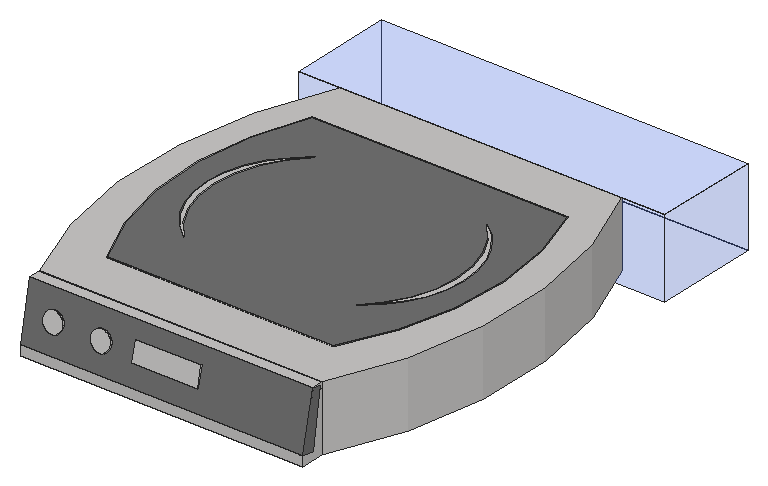
Revit family "QF_Vollrath 59500F", category Specialty Equipment, Revit 2016
Family settings
  Part Type = Normal
  Round Connector Dimension = Use Diameter
  OmniClass Number = 23.40.40.14.17.14
  OmniClass Title = Hot Plates
  Work Plane-Based = No
  Always vertical = Yes
  Cut with Voids When Loaded = No
  Shared = No
  Room Calculation Point = No
Parameters (values of type "59500F")
  Weight in Pounds = 12.8
  Watts = 1800 W
  Watermarked By = "http://revitwatermark.com"
  Volts = 120 V
  URL Cutsheet = ""
  URL = "www.vollrathco.com"
  Status [instance] = ""
  Specification by User [instance] = ""
  Specification by Manufacturer = ""
  Serial Number [instance] = ""
  Seismic Rating [instance] = ""
  Revision Code [instance] = ""
  Phase = 1
  Number of Poles [instance] = 1
  NAFEM Spec ID Number [instance] = ""
  Model = "59500F"
  Masterspec = ""
  Manufacturer = "Vollrath"
  Item Number [instance] = ""
  Installed By [instance] = ""
  Height AFF [instance] = 3' - 0"
  Furnished By [instance] = ""
  Foodservice Equipment Identifier [instance] = yes
  FL Amps = 15 A
  Electrical Remarks [instance] = ""
  Electric Connection Type [instance] = ""
  Elec Conn RI Height [instance] = 0' - 0"
  Elec Conn Connection Height = 0' - 2"
  Description = "Induction Fajita Skillet Heater"
  Cycle = 60 Hz
  Conn Plug = "NEMA 5-15P"
  CSI MasterFormat = "11 42 13"
  Assembly Code = "E1090320"
  Apparent Power = if(Phase = 3, Volts * FL Amps * 1.73, Volts * FL Amps)  # 1800 VA
Reference planes (in)
  plane 1: z = 0
  plane 2 "LEFT": x = 48
  plane 3 "BACK": y = -48.065
  plane 4 "BOTTOM": z = 36
  plane 5 "FRONT": y = -63.315
  plane 6 "TOP": z = 39
  plane 7: y = -44.065
  plane 8 "RIGHT": x = 62
  plane 9: z = 36.5
  plane 10: x = 50
  plane 11: z = 38
Forms (in)
  Extrusion 1, solid, material "QF_Finishes_Stainless Steel"
    sketch origin (0, 0, 0) x (1, 0, 0) y (0, 1, 0)
      loop
        line (50.6012, -60.49075) -> (59.26879, -60.49075)
        arc (59.26879, -60.49075) -> (60.7812, -55.30043) -> (59.81973, -49.98043) r 11.79794
        line (59.81973, -49.98043) -> (50.05026, -49.98043)
        arc (50.05026, -49.98043) -> (49.08879, -55.30043) -> (50.6012, -60.49075) r 11.79794
      loop
        line (60.36999, -48.065) -> (49.56, -48.065)
        arc (49.56, -48.065) -> (47.95254, -55.22951) -> (49.56, -62.39402) r 16.77005
        line (49.56, -62.39402) -> (60.36999, -62.39402)
        arc (60.36999, -62.39402) -> (62.0733, -55.22951) -> (60.36999, -48.065) r 15.91951
    from 36.5 to 39
  Extrusion 2, solid, material "QF_Finishes_Grey"
    sketch origin (0, 0, 0) x (1, 0, 0) y (0, 1, 0)
      loop
        arc (50.05026, -49.98043) -> (49.08879, -55.30043) -> (50.6012, -60.49075) r 11.79794
        line (50.6012, -60.49075) -> (59.26879, -60.49075)
        arc (59.26879, -60.49075) -> (60.7812, -55.30043) -> (59.81973, -49.98043) r 11.79794
        line (59.81973, -49.98043) -> (50.05026, -49.98043)
      loop
        arc (51.64059, -58.08067) -> (50.30465, -54.95567) -> (51.64059, -51.83067) r 4.32294
        arc (51.64059, -51.83067) -> (50.04212, -54.95567) -> (51.64059, -58.08067) r 3.85391
      loop
        arc (58.2294, -58.08067) -> (59.82788, -54.95567) -> (58.2294, -51.83067) r 3.85391
        arc (58.2294, -51.83067) -> (59.56534, -54.95567) -> (58.2294, -58.08067) r 4.32294
    from 36.5 to 39
  Extrusion 3, solid, material "QF_Finishes_Stainless Steel"
    sketch origin (0, -1, 0) x (1, 0, 0) y (0, 1, 0)
      loop
        arc (58.2294, -57.08067) -> (59.82788, -53.95567) -> (58.2294, -50.83067) r 3.85391
        arc (58.2294, -50.83067) -> (59.56534, -53.95567) -> (58.2294, -57.08067) r 4.32294
      loop
        arc (51.64059, -50.83067) -> (50.04212, -53.95567) -> (51.64059, -57.08067) r 3.85391
        arc (51.64059, -57.08067) -> (50.30465, -53.95567) -> (51.64059, -50.83067) r 4.32294
    from 36.5 to 39
  Extrusion 4, solid, material "QF_Finishes_Stainless Steel"
    sketch origin (0, 0, 0) x (1, 0, 0) y (0, 1, 0)
      loop
        circle (50.00787, -48.71869) r 0.25
      loop
        circle (59.75787, -48.71869) r 0.25
      loop
        circle (59.75787, -59.21869) r 0.25
      loop
        circle (50.14153, -59.21869) r 0.25
    from 36 to 36.5
  Extrusion 5, solid, material "QF_Finishes_Stainless Steel"
    sketch origin (48, 0.00545, 0.03878) x (0, 1, 0) y (0, 0, 1)
      loop
        line (-62.86202, 38.96122) -> (-62.47623, 38.89663) -> (-62.77961, 36.73791) -> (-63.32045, 36.83193) -> (-63.32045, 36.46122) -> (-62.39947, 36.46122) -> (-62.39947, 38.96122) -> (-62.86202, 38.96122)
    from 1.56 to 12.36999
  Extrusion 6, solid, material "QF_Finishes_Stainless Steel"
    sketch origin (0, -53.66876, 20.05309) x (1, 0, 0) y (0, 0.210477, 0.977599)
      loop
        line (56.23101, 15.95768) -> (53.73101, 15.95768) -> (53.73101, 15.20768) -> (56.23101, 15.20768) -> (56.23101, 15.95768)
      loop
        circle (52.47736, 15.49961) r 0.38574
      loop
        circle (50.64511, 15.49961) r 0.38574
    from 12.96987 to 13
  Extrusion 7, solid, material "QF_Finishes_Grey"
    sketch origin (48, 0, 0) x (0, 1, 0) y (0, 0, 1)
      loop
        line (-62.85656, 39) -> (-63.315, 36.87071) -> (-62.77416, 36.7767) -> (-62.47078, 38.93541) -> (-62.85656, 39)
    from 1.56 to 12.36999
  Extrusion 8, solid, material "QF_Finishes_Clearances"
    sketch origin (0, 0, 0) x (1, 0, 0) y (0, 1, 0)
      loop
        line (48, -44.065) -> (48, -48.065) -> (62, -48.065) -> (62, -44.065) -> (48, -44.065)
    from 36 to 39
  Extrusion 9, solid, material "QF_Finishes_Stainless Steel"
    sketch origin (0, -48.065, 0) x (1, 0, 0) y (0, 0, 1)
      loop
        circle (50, 38) r 0.25
    from -0.34646 to 0
Lines and regions (in)
  symbolic lines
    curve 1: arc (49.56, -48.065, 0) -> (47.95254, -55.22951, 0) -> (49.56, -62.39402, 0) r 16.77005
    curve 2: arc (50.05026, -49.98043, 0) -> (49.08879, -55.30043, 0) -> (50.6012, -60.49075, 0) r 11.79794
    curve 3: arc (51.64059, -51.83067, 0) -> (50.04212, -54.95567, 0) -> (51.64059, -58.08067, 0) r 3.85391
    curve 4: arc (51.64059, -58.08067, 0) -> (50.30465, -54.95567, 0) -> (51.64059, -51.83067, 0) r 4.32294
    curve 5: arc (58.2294, -51.83067, 0) -> (59.56534, -54.95567, 0) -> (58.2294, -58.08067, 0) r 4.32294
    curve 6: arc (58.2294, -58.08067, 0) -> (59.82788, -54.95567, 0) -> (58.2294, -51.83067, 0) r 3.85391
    curve 7: arc (59.26879, -60.49075, 0) -> (60.7812, -55.30043, 0) -> (59.81973, -49.98043, 0) r 11.79794
    curve 8: line (59.81973, -49.98043, 0) -> (50.05026, -49.98043, 0)
    curve 9: arc (60.36999, -62.39402, 0) -> (62.0733, -55.22951, 0) -> (60.36999, -48.065, 0) r 15.91951
    curve 10: line (50.6012, -60.49075, 0) -> (59.26879, -60.49075, 0)
    curve 11: line (60.36999, -62.39402, 0) -> (49.56, -62.39402, 0)
    curve 12: line (49.56, -63.315, 0) -> (60.36999, -63.315, 0)
    curve 13: line (49.56, -62.39402, 0) -> (49.56, -63.315, 0)
    curve 14: line (60.36999, -63.315, 0) -> (60.36999, -62.39402, 0)
    curve 15: line (49.56, -48.065, 0) -> (60.36999, -48.065, 0)
Dimensions and locks (in)
  "Height AFF": plane 4 "BOTTOM" to level
  plane 5 "FRONT" to plane 3 "BACK" = 1' - 3 1/4"
  locked: plane 3 "BACK" to plane 7 at 4
  plane 2 "LEFT" to plane 8 "RIGHT" = 1' - 2"
  locked: plane 9 to plane 4 "BOTTOM" at 0.5
  locked: plane 6 "TOP" to plane 9 at 2.5
  locked: Extrusion 6 to plane 4 "BOTTOM" at 1.6563
  locked: plane 4 "BOTTOM" to Extrusion 9 sketch curve at 2
  aligned and locked: level to plane 1
  aligned and locked: plane 6 "TOP" to Extrusion 2
  aligned and locked: Extrusion 1 to Extrusion 2
  aligned and locked: Extrusion 1 to Extrusion 3
  aligned and locked: plane 6 "TOP" to Extrusion 3
  aligned and locked: plane 6 "TOP" to Extrusion 1
  aligned and locked: Extrusion 1 to Extrusion 4
  aligned and locked: plane 6 "TOP" to Extrusion 5
  aligned and locked: Extrusion 4 to plane 4 "BOTTOM"
  aligned and locked: Extrusion 1 to plane 9
  aligned and locked: Extrusion 2 to plane 9
  aligned and locked: Extrusion 1 to plane 6 "TOP"
  aligned and locked: plane 6 "TOP" to Extrusion 5 sketch curve
  aligned and locked: Extrusion 5 sketch curve to plane 9
  aligned and locked: Extrusion 5 sketch curve to plane 5 "FRONT"
  aligned and locked: Extrusion 5 sketch curve to Extrusion 1
  aligned and locked: Extrusion 7 sketch curve to Extrusion 5  (x3)
  aligned and locked: Extrusion 5 to Extrusion 7
  aligned and locked: Extrusion 7 to Extrusion 5
  aligned and locked: plane 6 "TOP" to Extrusion 8
  aligned and locked: Extrusion 8 to plane 4 "BOTTOM"
Automatic sketch dimensions
  plane 3 "BACK" to Extrusion 1 sketch curve = 0' - 0"
  Extrusion 1 sketch curve to plane 2 "LEFT" = 0' - 1.84621"
  plane 2 "LEFT" to Extrusion 1 sketch curve = 0' - 0.99944"
  plane 2 "LEFT" to Extrusion 1 sketch curve = 0' - 1.56"  (x2)
  Extrusion 1 sketch curve to Extrusion 1 sketch curve = 0' - 0.49027"
  Extrusion 1 sketch curve to Extrusion 1 sketch curve = 0' - 1.04121"
  plane 8 "RIGHT" to Extrusion 1 sketch curve = 0' - 2.73121"
  plane 3 "BACK" to Extrusion 1 sketch curve = 0' - 1.91543"
  plane 8 "RIGHT" to Extrusion 1 sketch curve = 0' - 2.18027"
  plane 8 "RIGHT" to Extrusion 1 sketch curve = 0' - 1.63001"  (x2)
  plane 5 "FRONT" to Extrusion 1 sketch curve = 0' - 0.92098"
  plane 8 "RIGHT" to Extrusion 1 sketch curve = 0' - 1.12944"
  Extrusion 1 sketch curve to plane 8 "RIGHT" = 0' - 2.72259"
  Extrusion 1 sketch curve to Extrusion 1 sketch curve = 0' - 1.90328"
  plane 2 "LEFT" to Extrusion 2 sketch curve = 0' - 0.99944"
  plane 2 "LEFT" to Extrusion 2 sketch curve = 0' - 2.05026"
  plane 2 "LEFT" to Extrusion 2 sketch curve = 0' - 2.6012"
  Extrusion 2 sketch curve to Extrusion 2 sketch curve = 0' - 1.59032"
  Extrusion 2 sketch curve to Extrusion 2 sketch curve = 0' - 1.03938"  (x2)
  Extrusion 2 sketch curve to Extrusion 2 sketch curve = 0' - 2.25544"
  Extrusion 2 sketch curve to Extrusion 2 sketch curve = 0' - 0.73156"  (x2)
  Extrusion 2 sketch curve to Extrusion 2 sketch curve = 0' - 0.61482"
  plane 8 "RIGHT" to Extrusion 2 sketch curve = 0' - 3.7706"  (x2)
  plane 3 "BACK" to Extrusion 2 sketch curve = 0' - 1.91543"
  plane 8 "RIGHT" to Extrusion 2 sketch curve = 0' - 2.18027"
  plane 8 "RIGHT" to Extrusion 2 sketch curve = 0' - 1.12944"
  Extrusion 2 sketch curve to Extrusion 2 sketch curve = 0' - 1.85024"  (x2)
  Extrusion 2 sketch curve to Extrusion 2 sketch curve = 0' - 2.85217"
  Extrusion 2 sketch curve to Extrusion 2 sketch curve = 0' - 3 1/8"
  Extrusion 2 sketch curve to Extrusion 2 sketch curve = 0' - 0"
  plane 2 "LEFT" to Extrusion 3 sketch curve = 0' - 3.64059"  (x2)
  Extrusion 3 sketch curve to Extrusion 3 sketch curve = 0' - 2.25544"
  Extrusion 3 sketch curve to Extrusion 3 sketch curve = 0' - 0.73156"  (x2)
  Extrusion 3 sketch curve to Extrusion 3 sketch curve = 0' - 0.61482"
  plane 8 "RIGHT" to Extrusion 3 sketch curve = 0' - 3.7706"  (x2)
  plane 5 "FRONT" to Extrusion 3 sketch curve = 0' - 5.23433"  (x2)
  Extrusion 3 sketch curve to Extrusion 3 sketch curve = 0' - 3 1/8"
  Extrusion 3 sketch curve to Extrusion 3 sketch curve = 0' - 0"
  plane 3 "BACK" to Extrusion 4 sketch curve = 0' - 0.65369"  (x2)
  plane 2 "LEFT" to Extrusion 4 sketch curve = 0' - 2.00787"
  plane 2 "LEFT" to Extrusion 4 sketch curve = 0' - 2.14153"
  plane 8 "RIGHT" to Extrusion 4 sketch curve = 0' - 2.24213"  (x2)
  plane 5 "FRONT" to Extrusion 4 sketch curve = 0' - 4.09631"  (x2)
  plane 5 "FRONT" to Extrusion 5 sketch curve = 0' - 0.45844"
  Extrusion 5 sketch curve to Extrusion 5 sketch curve = 0' - 0.38014"
  Extrusion 5 sketch curve to plane 6 "TOP" = 0' - 0.06459"
  Extrusion 5 sketch curve to Extrusion 5 sketch curve = 0' - 0.07675"
  plane 9 to Extrusion 5 sketch curve = 0' - 0.2767"
  Extrusion 5 sketch curve to Extrusion 5 sketch curve = 0' - 0.37071"
  Extrusion 7 sketch curve to plane 5 "FRONT" = 0' - 0"
  Extrusion 7 sketch curve to plane 6 "TOP" = 0' - 0"
  plane 2 "LEFT" to Extrusion 6 sketch curve = 0' - 2.25937"
  Extrusion 6 sketch curve to Extrusion 6 sketch curve = 0' - 0.38574"  (x2)
  Extrusion 6 sketch curve to Extrusion 6 sketch curve = 0' - 1.06078"
  Extrusion 6 sketch curve to Extrusion 6 sketch curve = 0' - 0.86791"
  Extrusion 6 sketch curve to Extrusion 6 sketch curve = 0' - 2 1/2"
  Extrusion 6 sketch curve to Extrusion 6 sketch curve = 0' - 0.29194"
  Extrusion 6 sketch curve to Extrusion 6 sketch curve = 0' - 0"  (x3)
  Extrusion 6 sketch curve to Extrusion 6 sketch curve = 0' - 0 3/4"
  Extrusion 8 sketch curve to plane 2 "LEFT" = 0' - 0"
  plane 3 "BACK" to Extrusion 8 sketch curve = 0' - 0"
  Extrusion 8 sketch curve to plane 8 "RIGHT" = 0' - 0"
  Extrusion 8 sketch curve to plane 7 = 0' - 0"
  Extrusion 9 sketch curve to plane 10 = 0' - 0"
  plane 3 "BACK" to curve 15 = 0' - 0"
  curve 12 to plane 5 "FRONT" = 0' - 0"
  curve 9 to plane 2 "LEFT" = 0' - 1.84621"
  plane 2 "LEFT" to curve 7 = 0' - 0.99944"
  curve 1 to plane 10 = 0' - 0.44"
  curve 15 to plane 10 = 0' - 0.44"
  plane 10 to curve 2 = 0' - 0.05026"
  plane 10 to curve 2 = 0' - 0.6012"
  plane 10 to curve 4 = 0' - 1.64059"
  plane 10 to curve 3 = 0' - 1.64059"
  curve 4 to curve 3 = 0' - 2.25544"
  curve 3 to curve 4 = 0' - 0.73156"
  curve 4 to curve 5 = 0' - 0.61482"
  curve 5 to curve 6 = 0' - 0.73156"
  plane 8 "RIGHT" to curve 6 = 0' - 3.7706"
  plane 8 "RIGHT" to curve 5 = 0' - 3.7706"
  curve 6 to curve 10 = 0' - 1.03938"
  plane 3 "BACK" to curve 7 = 0' - 1.91543"
  plane 8 "RIGHT" to curve 7 = 0' - 2.18027"
  plane 5 "FRONT" to curve 9 = 0' - 0.92098"
  plane 8 "RIGHT" to curve 9 = 0' - 1.63001"
  plane 8 "RIGHT" to curve 15 = 0' - 1.63001"
  plane 8 "RIGHT" to curve 2 = 0' - 1.12944"
  curve 1 to plane 8 "RIGHT" = 0' - 2.72259"
  curve 1 to curve 10 = 0' - 1.90328"
  curve 10 to curve 5 = 0' - 2.41008"
  curve 2 to curve 3 = 0' - 2.41008"
  curve 6 to curve 6 = 0' - 3 1/8"
  curve 4 to curve 5 = 0' - 0"
  radius of Extrusion 4 sketch curve = 0' - 0 1/4"  (x4)
  radius of Extrusion 9 sketch curve = 0' - 0 1/4"
Connectors (in)
  electrical at (50, -47.71854, 38), driven by "Number of Poles", driven by "Volts", driven by "Apparent Power"
    settings: on Extrusion 9, index 1, voltage 120 V, apparent load 1800 VA, apparent load phase1 0 VA, apparent load phase2 0 VA, apparent load phase3 0 VA, power factor 1, load classification "Other", number of poles 1, system type 30, power factor state 1, is connector primary yes, connector utility no, sub classification motor no, connector description "Electric Connection"
